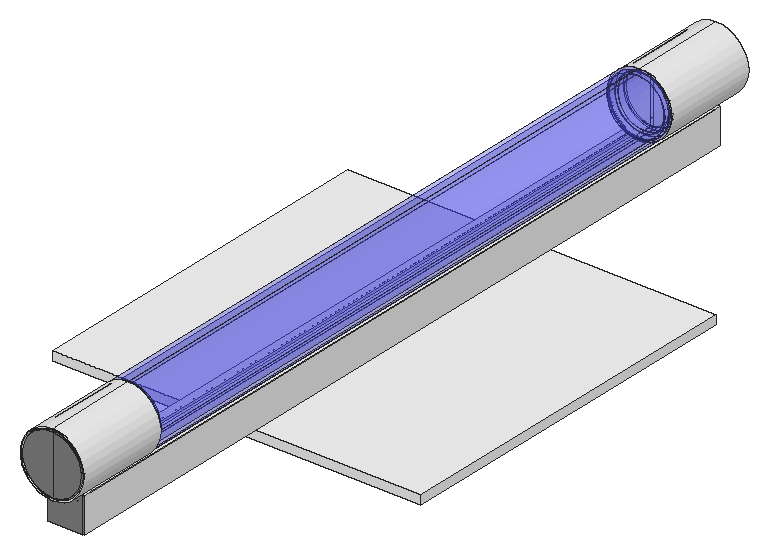
Revit family "BE_23259.1_de_DE", category Leuchten, Revit 2015
Parameters (values of type "BEGA_23259.1_K4")
  built-in parameter 1150104 = 11.613 (stored number, unit not read)
  Wattage = 24 W
  Default Elevation = 0 mm
  built-in parameter 1150113 = 1 (stored number, unit not read)
  built-in parameter 1114218 = 1 (stored number, unit not read)
  Umgebungstemperatur = ""
  URL = "http://www.bega.de/produkt/23259.1"
  Typenkommentare = "© 2017 BEGA. Wir behalten uns das Recht vor, technische Änderungen ohne vorherige Ankündigung vorzunehmen."  # constant formula
  built-in parameter 1150134 = 12
  built-in parameter 1150109 = 1 (stored number, unit not read)
  Strom = ""
  built-in parameter 1150110 = 1 (stored number, unit not read)
  Spannung = 239.996 V
  Sonderanfertigung = no
  Seriennummer [instance] = "Hier können Sie die eindeutige Seriennummer für das Facility Management eintragen."
  Schutzklasse = "I"
  Schutzart = "IP 44"
  Scheinlast = 0 VA
  Produktdatenblatt = "http://www.bega.de/download/Xrfa/db/23259.1.db.de.pdf"
  Oberflächentemperatur = ""
  Neigungswinkel = 0.00°
  Modell = "23259.1K4"
  Material_17 = BEGA_Reflektor
  Material_15 = BEGA_Leuchtmedium_matt
  Material_11 = BEGA_Glas_opal
  Material_09 = BEGA_Glas_klar
  Material_06 = BEGA_Oberfläche_Edelstahl_gebürstet
  Material_05 = BEGA_Oberfläche_Aluminium Guss
  Material_04 = BEGA_Kunststoff_Grafit_matt
  Material_03 = BEGA_Oberfläche_Weiss_matt
  Material_02 = BEGA_Oberfläche_Silber_matt
  Material_01 [instance] = BEGA_Oberfläche_Grafit_matt
  M_W = no
  M_G = no
  M_A = no
  Logo = 0
  built-in parameter 1114217 = 1 (stored number, unit not read)
  built-in parameter 1150139 = (empty or 0)
  built-in parameter 1150105 = 238.73 (stored number, unit not read)
  built-in parameter 1150114 = 1 (stored number, unit not read)
  Lumens = 3000 lm
  built-in parameter 1150115 = 1 (stored number, unit not read)
  Leuchtenlichtstrom = "2383 lm"
  Leuchtenanzahl = ""
  Lebensdauerkriterien = "L70B50 @ 25 °C = 230000 h"
  Lastklassifizierung = Beleuchtung
  built-in parameter 1150112 = 1 (stored number, unit not read)
  Lampenlichtstrom = "3000 lm"
  Lampe = "LED 24 W"
  LED_Modulbezeichnung = "3x LED-0425/940"
  Hersteller = "BEGA"  # constant formula
  Halbstreuwinkel = ""
  Gewicht = "2.7 kg"
  Gebrauchslageneinschränkung [instance] = ""
  Frequenz = "0/50-60 Hz"
  Farbwiedergabeindex = "Ra > 90"
  Farbtemperaturverschiebung bei Dämpfen der Lampe = <Keine Auswahl>
  Farbtemperatur = "4000 K"
  Color Filter = 16777215
  built-in parameter 1150133 = 10 (stored number, unit not read)
  Energieeffizienzklasse = "LED A++ - A"
  built-in parameter 1150137 = (empty or 0)
  built-in parameter 1150132 = (empty or 0)
  ENEC = ""
  Dimmbar [instance] = ""
  Datei für fotometrisches Netz = "BE_23259K4.IES"
  CE_Konformität = "ja"
  Bestellnummer = "23259.1K4"
  Beschreibung_Sonderanfertigung = "Hier können Sie Informationen zur Sonderanfertigung eintragen."
  Beschreibung = "Wandleuchte"
  built-in parameter 1150106 = 2.3873 (stored number, unit not read)
  Befestigungsbohrung = "Ø 6 mm"
  Befestigungsabstand = "450 mm"
  Ballwurfsicher = ""
  BEGA_Intern_aus = yes
  BEGA_Intern_an = yes
  BEGA_Intern_Konstruktion = yes
  BEGA_Intern = yes
  BEGA_IES = yes
  BEGA_Dummy = no
  Anschlussleitung = ""
  Anschlussleistung [instance] = "26.9 W"
  Anschlusskasten = ""
  built-in parameter 1150107 = 4000 (stored number, unit not read)
  built-in parameter 1150102 = (empty or 0)
  built-in parameter 1150138 = (empty or 0)
  Aktualisierung = "2017-09-29T04:10:01"
  Abstand_zur_angestrahlten_Fläche [instance] = ""
  AC/DC = "AC/DC"
Types (2, lengths in mm): name | built-in parameter 1150104 | built-in parameter 1150134 | Modell | built-in parameter 1150105 | Lumens | Leuchtenlichtstrom | Lampenlichtstrom | LED_Modulbezeichnung | Farbtemperatur | Datei für fotometrisches Netz | Bestellnummer | built-in parameter 1150106 | built-in parameter 1150107
  BEGA_23259.1_K3 | 10.74 (stored number, unit not read) | (empty or 0) | "23259.1" | 220.78 (stored number, unit not read) | 2774.4 lm | "2197 lm" | "2775 lm" | "3x LED-0425/930" | "3000 K" | "BE_23259.IES" | "23259.1" | 2.2078 (stored number, unit not read) | 3000 (stored number, unit not read)
  BEGA_23259.1_K4 | 11.613 (stored number, unit not read) | 12 | "23259.1K4" | 238.73 (stored number, unit not read) | 3000 lm | "2383 lm" | "3000 lm" | "3x LED-0425/940" | "4000 K" | "BE_23259K4.IES" | "23259.1K4" | 2.3873 (stored number, unit not read) | 4000 (stored number, unit not read)
Reference planes
  plane 1 "Mitte (Vorne/Hinten)": y = 0
  plane 2: z = 0
  plane 3 "Mitte (Links/Rechts)": x = 0
  plane 4 "Links": x = -35
  plane 5 "Rechts": x = 35
  plane 6 "Unten": y = -450.75
  plane 7 "Oben": y = 450.75
  plane 8 "Vorne": z = 104.517
  plane 9 "Hinten": z = 0
Forms (mm)
  Extrusion 1, solid, material "BEGA_Platte_Weiss"
    sketch origin (0, -1119.2, 0) x (1, 0, 0) y (0, 1, 0)
      loop
        line (-200, 1319.2) -> (-200, 919.2) -> (200, 919.2) -> (200, 1319.2) -> (-200, 1319.2)
    from 0 to -10
  Extrusion 2, solid, material "BEGA_Dummy_matt", visible <- "BEGA_Dummy"
    sketch origin (80.095, -76.023, 0) x (1, 0, 0) y (0, 1, 0)
      loop
        line (-115.095, 526.773) -> (-115.095, -374.727) -> (-45.095, -374.727) -> (-45.095, 526.773) -> (-115.095, 526.773)
    from 0 to 104.517
Dimensions and locks
  plane 1 "Mitte (Vorne/Hinten)" to Extrusion 1 = 200 mm
  aligned and locked: plane 2 to Extrusion 1
  aligned and locked: level to Extrusion 1
Nested families
  nested 1: "BE_23259.1" at (0, 0, 0) x (0, 1, 0) z (0, 0, 1), type "BE_23259.1"
Connectors
  electrical at (0, 0, 0), driven by "Lastklassifizierung", driven by "Spannung", driven by "Scheinlast"
    settings: index 1, voltage 239.996 V, apparent load 0 VA, apparent load phase1 0 VA, apparent load phase2 0 VA, apparent load phase3 0 VA, power factor 1, load classification "Beleuchtung", number of poles 1, system type 31, power factor state 1, is connector primary yes, connector utility no, sub classification motor no, connector description ""
Definition of nested family "BE_23259.1"
  Parameters (values of type "BE_23259.1")
    Default Elevation = 1 mm
    URL = "http://www.bega.de/de/produkt"
    Type Comments = "© 2015 BEGA. Wir behalten uns das Recht vor, technische Änderungen ohne vorherige Ankündigung vorzunehmen. "  # constant formula
    Type Image = (empty or 0)
    Neigungswinkel_um_Z2 = 0.00°
    Neigungswinkel_um_Z1 = 0.00°
    Neigungswinkel_um_Y2 = 0.00°
    Neigungswinkel_um_Y1 = 0.00°
    Neigungswinkel_um_X2 = 0.00°
    Neigungswinkel_um_X1 = 0.00°
    Material_17 = none
    Material_15 = none
    Material_11 = none
    Material_09 = none
    Material_06 = none
    Material_05 = none
    Material_04 = none
    Material_03 = none
    Material_02 = none
    Material_01 = none
    M_W = yes
    M_G = yes
    M_A = yes
    Länge_Platte = 1000 mm  # constant formula
    Höhe_Platte = -10 mm  # constant formula
    Manufacturer = "BEGA"  # constant formula
    Drehwinkel_um_Z2 = 0.00°
    Drehwinkel_um_Z1 = 0.00°
    Breite_Platte = 200 mm  # constant formula
  Reference planes
    plane 1 "Mitte (Oben/Unten)": y = 0
    plane 2: z = 0
    plane 3 "Mitte (Links/Rechts)": x = 0
    plane 4: y = 35
    plane 5: y = -35
    plane 6: z = 104.517
    plane 7: x = -450.75
    plane 8: x = 450.75
    plane 9: z = 104.517
  Forms (mm)
    Extrusion 1, solid, detail levels medium
      sketch origin (0, 0, 0) x (1, 0, 0) y (0, 1, 0)
        loop
          line (-500, 100) -> (-500, -100) -> (500, -100) -> (500, 100) -> (-500, 100)
      from 0 to -10 <- "Höhe_Platte"
    Extrusion 2, solid, material <- "Material_03", detail levels medium+fine
      sketch origin (0, 0, 0) x (0, 1, 0) y (0, 0, 1)
        loop
          line (-20, 37.5) -> (-20, 0) -> (-15.75, 0) -> (-15.75, 6.5) -> (-16.8, 6.5)
          arc (-16.8, 6.5) -> (-17.507, 6.793) -> (-17.8, 7.5) r 1
          line (-17.8, 7.5) -> (-17.8, 32.29)
          arc (-17.8, 32.29) -> (-16.811, 33.7) -> (-15.148, 33.251) r 1.5
          line (-15.148, 33.251) -> (-11.917, 29.4) -> (11.917, 29.4) -> (15.148, 33.251)
          arc (15.148, 33.251) -> (16.811, 33.7) -> (17.8, 32.29) r 1.5
          line (17.8, 32.29) -> (17.8, 7.5)
          arc (17.8, 7.5) -> (17.507, 6.793) -> (16.8, 6.5) r 1
          line (16.8, 6.5) -> (15.75, 6.5) -> (15.75, 0) -> (20, 0) -> (20, 37.5) -> (18, 39.5)
          arc (18, 39.5) -> (15.101, 37.578) -> (12, 36.005) r 30
          line (12, 36.005) -> (12, 33.9)
          arc (12, 33.9) -> (11.561, 32.839) -> (10.5, 32.4) r 1.5
          line (10.5, 32.4) -> (-10.5, 32.4)
          arc (-10.5, 32.4) -> (-11.561, 32.839) -> (-12, 33.9) r 1.5
          line (-12, 33.9) -> (-12, 36.005)
          arc (-12, 36.005) -> (-15.101, 37.578) -> (-18, 39.5) r 30
          line (-18, 39.5) -> (-20, 37.5)
      from -431.412 to 430.25
    Extrusion 3, solid, material <- "Material_03", detail levels medium+fine
      sketch origin (0, 0, 0) x (1, 0, 0) y (0, 0, 1)
        loop
          line (324.75, 4.3) -> (324.75, 1) -> (344.75, 1) -> (344.75, 4.3) -> (324.75, 4.3)
        loop
          line (-125.21, 4.3) -> (-125.21, 1) -> (-105.233, 1) -> (-105.233, 4.3) -> (-125.21, 4.3)
      from -17.577 to 17.577
    Extrusion 4, solid, material <- "Material_04", detail levels medium+fine
      sketch origin (0, 0, 0) x (0, 1, 0) y (0, 0, 1)
        loop
          line (-18.99, 0.01) -> (18.99, 0.01) -> (19, 36.578) -> (17.542, 38.036)
          arc (17.542, 38.036) -> (0, 32.49) -> (-17.542, 38.036) r 30.51
          line (-17.542, 38.036) -> (-18.99, 36.588) -> (-18.99, 0.01)
      from 430.25 to 431.75
    Extrusion 5, solid, material <- "Material_04", detail levels medium+fine
      sketch origin (0, 0, 0) x (0, 1, 0) y (0, 0, -1)
        loop
          line (-18.99, -0.01) -> (-18.99, -36.588) -> (-17.542, -38.036)
          arc (-17.542, -38.036) -> (0, -32.49) -> (17.542, -38.036) r 30.51
          line (17.542, -38.036) -> (19, -36.578) -> (18.99, -0.01) -> (-18.99, -0.01)
      from 431.412 to 433.194
    Extrusion 6, void
      sketch origin (0, 0, 0) x (1, 0, 0) y (0, 1, 0)
        loop
          arc (331.75, 3) -> (328.75, 0) -> (331.75, -3) r 3
          line (331.75, -3) -> (337.75, -3)
          arc (337.75, -3) -> (339.866, -2.127) -> (340.75, -0.016) r 3
          arc (340.75, -0.016) -> (339.866, 2.127) -> (337.75, 3) r 3
          line (337.75, 3) -> (331.75, 3)
        loop
          arc (-112.281, 3) -> (-115.281, 6) -> (-118.281, 3) r 3
          line (-118.281, 3) -> (-118.281, -3)
          arc (-118.281, -3) -> (-117.409, -5.114) -> (-115.265, -6) r 3
          arc (-115.265, -6) -> (-113.154, -5.116) -> (-112.281, -3) r 3
          line (-112.281, -3) -> (-112.281, 3)
      from 0 to 6.5
    Revolve 7, void
      sketch origin (-400.75, 0, 0) x (0, 1, 0) y (0, 0, 1)
        loop
          line (-6, 32.4) -> (-6, 29.4) -> (0, 29.4) -> (0, 32.4) -> (-6, 32.4)
        axis (0, 32.4) -> (0, 29.4)
      angle from 0 to 360
    Revolve 8, solid, material <- "Material_03", detail levels medium+fine
      sketch origin (0, 0, 0) x (1, 0, 0) y (0, 0, 1)
        loop
          line (-450.75, 103.267) -> (-448.18, 103.267) -> (-447.41, 102.822) -> (-435.75, 102.517) -> (-347.75, 102.517) -> (-347.75, 104.517) -> (-450.75, 104.517) -> (-450.75, 103.267)
        loop
          line (450.75, 103.267) -> (450.75, 104.517) -> (347.75, 104.517) -> (347.75, 102.517) -> (435.75, 102.517) -> (447.41, 102.822) -> (448.18, 103.267) -> (450.75, 103.267)
        axis (-450.75, 69.517) -> (450.75, 69.517)
      angle from 0 to 360
    Revolve 9, solid, material <- "Material_04", detail levels medium+fine
      sketch origin (0, 0, 0) x (1, 0, 0) y (0, 0, 1)
        loop
          line (-450.75, 101.517) -> (-450.75, 69.517) -> (-444.75, 69.517) -> (-444.75, 100.067) -> (-435.75, 100.381) -> (-435.75, 103.017) -> (-447.75, 103.017) -> (-447.75, 101.517) -> (-450.75, 101.517)
        loop
          line (450.75, 101.517) -> (447.75, 101.517) -> (447.75, 103.017) -> (435.75, 103.017) -> (435.75, 100.381) -> (444.75, 100.067) -> (444.75, 69.517) -> (450.75, 69.517) -> (450.75, 101.517)
        axis (-450.75, 69.517) -> (450.75, 69.517)
      angle from 0 to 360
    Revolve 10, solid, material <- "Material_11", detail levels medium+fine
      sketch origin (0, 0, 0) x (1, 0, 0) y (0, 0, 1)
        loop
          line (-353.25, 98.517) -> (-349.165, 98.517)
          arc (-349.165, 98.517) -> (-344.872, 97.721) -> (-341.743, 100.767) r 4.75
          line (-341.743, 100.767) -> (342.743, 100.767)
          arc (342.743, 100.767) -> (345.872, 97.721) -> (350.165, 98.517) r 4.75
          line (350.165, 98.517) -> (354.086, 98.517) -> (362.5, 97.781) -> (362.5, 69.517) -> (366.25, 69.517) -> (366.25, 99.388)
          arc (366.25, 99.388) -> (365.726, 100.734) -> (364.434, 101.376) r 2
          line (364.434, 101.376) -> (354.25, 102.267) -> (346.25, 102.36) -> (346.25, 104.517) -> (-346.25, 104.517) -> (-346.25, 102.267) -> (-353.25, 102.267) -> (-353.25, 98.517)
        axis (-353.25, 69.517) -> (366.25, 69.517)
      angle from 0 to 360
    Revolve 11, void
      sketch origin (0, 0, 0) x (1, 0, 0) y (0, 0, 1)
        loop
          line (448.05, 79.117) -> (448.05, 69.517) -> (450.963, 69.517) -> (450.963, 79.295) -> (448.05, 79.117)
        axis (448.05, 69.517) -> (450.963, 69.517)
      angle from 0 to 360
    Revolve 12, solid, material <- "Material_06", detail levels fine
      sketch origin (0, 0, 0) x (1, 0, 0) y (0, 0, 1)
        loop
          line (448.05, 79.017) -> (448.05, 69.517) -> (450.55, 69.517) -> (450.55, 79.017) -> (448.05, 79.017)
        axis (448.05, 69.517) -> (450.55, 69.517)
      angle from 0 to 360
  Cuts and joins
    joined: Extrusion 4, Extrusion 5
    Revolve 7 cuts Extrusion 2
    Extrusion 6 cuts Extrusion 3
    joined: Extrusion 2, Extrusion 3
    Revolve 11 cuts Revolve 9
  Dimensions and locks
    equal spacing: Extrusion 1 sketch curve, plane 3 "Mitte (Links/Rechts)", Extrusion 1 sketch curve
    equal spacing: Extrusion 1 sketch curve, plane 1 "Mitte (Oben/Unten)", Extrusion 1 sketch curve
    "Länge_Platte": Extrusion 1 sketch curve to Extrusion 1 sketch curve
    "Breite_Platte": Extrusion 1 sketch curve to Extrusion 1 sketch curve
    aligned and locked: Extrusion 1 to plane 2
    aligned and locked: level to Extrusion 1
  Automatic sketch dimensions
    Extrusion 2 sketch curve to Extrusion 2 sketch curve = 0 mm  (x2)
    Extrusion 2 sketch curve to level = 0 mm  (x2)
    Extrusion 2 sketch curve to plane 1 "Mitte (Oben/Unten)" = 0 mm
    plane 1 "Mitte (Oben/Unten)" to Extrusion 2 sketch curve = 10.5 mm
    Extrusion 2 sketch curve to Extrusion 2 sketch curve = 1.417 mm  (x2)
    Extrusion 2 sketch curve to Extrusion 2 sketch curve = 1.5 mm  (x3)
    Extrusion 2 sketch curve to Extrusion 2 sketch curve = 3.148 mm  (x2)
    plane 1 "Mitte (Oben/Unten)" to Extrusion 2 sketch curve = 15.75 mm
    Extrusion 2 sketch curve to Extrusion 2 sketch curve = 1.152 mm  (x2)
    Extrusion 2 sketch curve to Extrusion 2 sketch curve = 1.05 mm  (x2)
    Extrusion 2 sketch curve to Extrusion 2 sketch curve = 1 mm
    Extrusion 2 sketch curve to Extrusion 2 sketch curve = 2.852 mm  (x2)
    Extrusion 2 sketch curve to Extrusion 2 sketch curve = 2 mm  (x2)
    Extrusion 2 sketch curve to plane 1 "Mitte (Oben/Unten)" = 10.5 mm
    level to Extrusion 2 sketch curve = 6.5 mm  (x2)
    Extrusion 2 sketch curve to plane 1 "Mitte (Oben/Unten)" = 15.75 mm
    Extrusion 2 sketch curve to Extrusion 2 sketch curve = 4.25 mm
    Extrusion 2 sketch curve to Extrusion 2 sketch curve = 21.9 mm
    Extrusion 2 sketch curve to Extrusion 2 sketch curve = 2.89 mm  (x2)
    Extrusion 2 sketch curve to Extrusion 2 sketch curve = 3 mm
    Extrusion 2 sketch curve to Extrusion 2 sketch curve = 2.105 mm  (x2)
    Extrusion 2 sketch curve to Extrusion 2 sketch curve = 5.21 mm  (x2)
    level to Extrusion 3 sketch curve = 1 mm  (x2)
    Extrusion 3 sketch curve to Extrusion 3 sketch curve = 19.977 mm
    level to Extrusion 3 sketch curve = 4.3 mm
    Extrusion 3 sketch curve to Extrusion 3 sketch curve = 20 mm
    Extrusion 3 sketch curve to Extrusion 3 sketch curve = 3.3 mm
    Extrusion 4 sketch curve to plane 1 "Mitte (Oben/Unten)" = 0 mm
    Extrusion 4 sketch curve to plane 5 = 17.458 mm
    level to Extrusion 4 sketch curve = 0.01 mm
    Extrusion 4 sketch curve to plane 5 = 16.01 mm
    Extrusion 4 sketch curve to plane 4 = 17.458 mm
    Extrusion 4 sketch curve to plane 4 = 16.01 mm
    Extrusion 4 sketch curve to Extrusion 4 sketch curve = 1.458 mm  (x2)
    Extrusion 4 sketch curve to Extrusion 4 sketch curve = 36.567 mm
    Extrusion 4 sketch curve to Extrusion 4 sketch curve = 36.578 mm
    Extrusion 5 sketch curve to plane 1 "Mitte (Oben/Unten)" = 0 mm
    Extrusion 5 sketch curve to plane 5 = 17.458 mm
    level to Extrusion 5 sketch curve = 0.01 mm
    Extrusion 5 sketch curve to plane 5 = 16.01 mm
    Extrusion 5 sketch curve to plane 4 = 17.458 mm
    Extrusion 5 sketch curve to plane 4 = 16.01 mm
    Extrusion 5 sketch curve to Extrusion 5 sketch curve = 1.458 mm
    Extrusion 5 sketch curve to Extrusion 5 sketch curve = 36.567 mm
    Extrusion 5 sketch curve to Extrusion 5 sketch curve = 36.578 mm
    Extrusion 5 sketch curve to Extrusion 5 sketch curve = 1.448 mm
    Extrusion 6 sketch curve to Extrusion 6 sketch curve = 0 mm  (x5)
    plane 1 "Mitte (Oben/Unten)" to Extrusion 6 sketch curve = 0 mm  (x2)
    Extrusion 6 sketch curve to plane 1 "Mitte (Oben/Unten)" = 3 mm
    Extrusion 6 sketch curve to Extrusion 6 sketch curve = 3 mm  (x2)
    plane 1 "Mitte (Oben/Unten)" to Extrusion 6 sketch curve = 3 mm  (x2)
    Extrusion 6 sketch curve to Extrusion 6 sketch curve = 6 mm
    Extrusion 6 sketch curve to Extrusion 6 sketch curve = 0.02 mm
    Extrusion 6 sketch curve to Extrusion 6 sketch curve = 0.035 mm
    Extrusion 6 sketch curve to plane 1 "Mitte (Oben/Unten)" = 0.016 mm
    plane 1 "Mitte (Oben/Unten)" to Extrusion 6 sketch curve = 0.016 mm
    Revolve 7 sketch curve to plane 1 "Mitte (Oben/Unten)" = 0 mm  (x2)
    Revolve 7 sketch curve to Revolve 7 sketch curve = 6 mm
    level to Revolve 7 sketch curve = 29.4 mm
    Revolve 7 sketch curve to Revolve 7 sketch curve = 3 mm
    Revolve 7 sketch curve to Revolve 7 sketch curve = 4.732 mm
    Revolve 7 sketch curve to Revolve 7 sketch curve = 0 mm
    Extrusion 4 sketch curve to Extrusion 4 sketch curve = 24.964 mm
    Extrusion 5 sketch curve to Extrusion 5 sketch curve = 24.964 mm
    Revolve 8 sketch curve to Revolve 8 sketch curve = 2.57 mm
    Revolve 8 sketch curve to Revolve 8 sketch curve = 0.77 mm  (x2)
    Revolve 8 sketch curve to Revolve 8 sketch curve = 11.66 mm
    Revolve 8 sketch curve to Revolve 8 sketch curve = 88 mm
    level to Revolve 8 sketch curve = 102.517 mm  (x2)
    Revolve 8 sketch curve to Revolve 8 sketch curve = 0.305 mm  (x2)
    Revolve 8 sketch curve to Revolve 8 sketch curve = 0.445 mm  (x2)
    Revolve 8 sketch curve to Revolve 8 sketch curve = 2 mm  (x2)
    Revolve 8 sketch curve to Revolve 8 sketch curve = 27.869 mm
    Revolve 8 sketch curve to Revolve 8 sketch curve = 33 mm
    Revolve 9 sketch curve to Revolve 9 sketch curve = 3 mm
    Revolve 9 sketch curve to Revolve 9 sketch curve = 6 mm  (x2)
    Revolve 9 sketch curve to Revolve 9 sketch curve = 9 mm  (x2)
    level to Revolve 9 sketch curve = 69.517 mm  (x2)
    Revolve 9 sketch curve to Revolve 9 sketch curve = 30.55 mm  (x2)
    Revolve 9 sketch curve to Revolve 9 sketch curve = 0.314 mm  (x2)
    Revolve 9 sketch curve to Revolve 9 sketch curve = 1.45 mm  (x2)
    Revolve 9 sketch curve to Revolve 9 sketch curve = 1.5 mm  (x2)
    Revolve 9 sketch curve to Revolve 9 sketch curve = 4 mm
    Revolve 9 sketch curve to Revolve 9 sketch curve = 0 mm
    level to Revolve 12 sketch curve = 69.517 mm
    Revolve 12 sketch curve to Revolve 12 sketch curve = 9.5 mm
    Revolve 12 sketch curve to Revolve 12 sketch curve = 0 mm  (x2)
    Revolve 10 sketch curve to plane 6 = 0 mm
    plane 6 to Revolve 10 sketch curve = 2.25 mm  (x2)
    Revolve 10 sketch curve to Revolve 10 sketch curve = 4.085 mm
    Revolve 10 sketch curve to Revolve 10 sketch curve = 2.915 mm  (x2)
    Revolve 10 sketch curve to Revolve 10 sketch curve = 0 mm
    Revolve 10 sketch curve to Revolve 10 sketch curve = 4.507 mm
    plane 6 to Revolve 10 sketch curve = 3.75 mm
    plane 6 to Revolve 10 sketch curve = 2.157 mm
    Revolve 10 sketch curve to Revolve 10 sketch curve = 3.507 mm
    Revolve 10 sketch curve to Revolve 10 sketch curve = 1 mm
    Revolve 10 sketch curve to Revolve 10 sketch curve = 3.921 mm
    Revolve 10 sketch curve to Revolve 10 sketch curve = 0.164 mm
    Revolve 10 sketch curve to Revolve 10 sketch curve = 8.414 mm
    Revolve 10 sketch curve to Revolve 10 sketch curve = 1.75 mm
    plane 6 to Revolve 10 sketch curve = 3.141 mm
    Revolve 10 sketch curve to Revolve 10 sketch curve = 0.184 mm
    Revolve 10 sketch curve to Revolve 10 sketch curve = 3.75 mm  (x3)
    Revolve 10 sketch curve to Revolve 10 sketch curve = 1.988 mm
    Revolve 10 sketch curve to Revolve 10 sketch curve = 1.604 mm
    Revolve 10 sketch curve to Revolve 10 sketch curve = 28.264 mm
    Revolve 10 sketch curve to plane 3 "Mitte (Links/Rechts)" = 46.5 mm
    plane 3 "Mitte (Links/Rechts)" to Revolve 10 sketch curve = 23.5 mm
    plane 6 to Revolve 10 sketch curve = 35 mm
    Revolve 11 sketch curve to Revolve 11 sketch curve = 2.913 mm
    plane 6 to Revolve 11 sketch curve = 35 mm
    Revolve 11 sketch curve to Revolve 11 sketch curve = 9.6 mm
    Revolve 11 sketch curve to Revolve 11 sketch curve = 0.178 mm
    Revolve 11 sketch curve to Revolve 11 sketch curve = 0 mm  (x2)
    Revolve 11 sketch curve to Revolve 11 sketch curve = 0.462 mm
    plane 7 to Extrusion 3 sketch curve = 345.517 mm
    plane 7 to Extrusion 6 sketch curve = 338.469 mm
    Revolve 8 sketch curve to plane 7 = 0 mm
    Revolve 8 sketch curve to Revolve 8 sketch curve = 43.754 mm
    Revolve 9 sketch curve to plane 7 = 0 mm  (x2)
    plane 7 to Revolve 10 sketch curve = 109.007 mm
    plane 8 to Extrusion 3 sketch curve = 126 mm
    plane 8 to Extrusion 6 sketch curve = 119 mm
    Revolve 8 sketch curve to plane 8 = 0 mm
    plane 8 to Revolve 8 sketch curve = 103 mm
    plane 8 to Revolve 8 sketch curve = 15 mm
    plane 8 to Revolve 8 sketch curve = 3.34 mm
    plane 8 to Revolve 9 sketch curve = 0 mm
    plane 8 to Revolve 9 sketch curve = 3 mm
    plane 8 to Revolve 10 sketch curve = 108.007 mm
    plane 8 to Revolve 11 sketch curve = 2.7 mm
    plane 8 to Revolve 12 sketch curve = 2.7 mm
    plane 8 to Revolve 12 sketch curve = 0.2 mm
    Revolve 12 sketch curve to plane 8 = 0.342 mm
